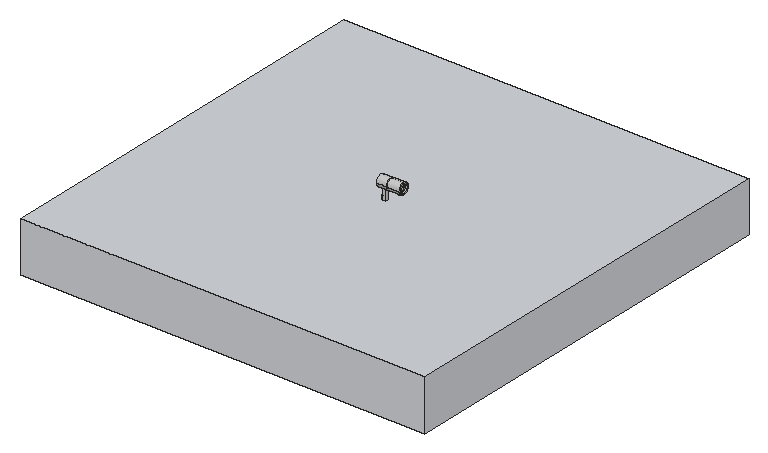
Revit family "LAMP_HANCE 48V 1000-2000 SUPER SPOT DALI", category Luminarias, Revit 2015
Parameters (values of type "498LM 2700 SUPER SPOT BLACK")
  Weight = 0.46 kg
  Type = "HIGH POWER CREE"
  Tilting angle [instance] = 90.00°
  Tilting [instance] = if(Tilting angle < 0.00°, 0.00°, if(Tilting angle > 90.00°, 90.00°, Tilting angle))  # 90.00°
  Rotation angle [instance] = 90.00°
  Protection rating = "IP20"
  Product datasheet = "http://www.lamp.es/product-files/TECH/HS1TL10SS827DBB-EN.pdf"
  Product code = "HS1TL10SS827DBB"
  Product URL = "https://www.lamp.es/en/family/hance-48v_195581"
  Power Supply = "48V DC"
  Power = 8 W
  Plum = 9.4 W
  Photometric web file = Cuerpo Hance 48V BASE 1000_2000 (tilting)_SS : 498LM 2700 SUPER SPOT BLACK
  Modelo = Product code  # "HS1TL10SS827DBB"
  Model explanation = "Availability of tilting between 0º and 90º, rotation between 0º and 355º and change ring color when placed in a project."
  Material tija = LAMP_Aluminio Hance Negro
  Manufacturer name = "LAMP"
  Manufacturer country = "Spain"
  Manufacturer URL = "http://www.lamp.es/en"
  MacAdam = "3"
  Luminaire type = "Indoor - Spotlight"
  Last update = "02/04/2019"
  Lamp = "HIGH POWER LED"
  LED Lifetime = "50.000 L90"
  Insulation class = "III"
  Installation instructions = "https://www.lamp.es/product-files/INS/1004290-B-INSTR.%20DE%20MONTAJE%20HANCE%2048V.pdf"
  Initial intensity = 498 lm
  Initial color = 2700 K
  IEE = "A+"
  Height = 135 mm
  Gear = "Adjustable DALI"
  Finish = "RAL9011 textured"
  Fabricante = Manufacturer name  # "LAMP"
  Default Elevation = 1219.2 mm
  Efficacy = 53 lm/W
  Diameter = 65 mm
  Descripción = "HANCE TRACK 48 1000 VWW SSP DALI BK."
  Decorative ring [instance] = Aro decorativo 48V (tilting) (1000-2000) : Black
  Comentarios de tipo = Model explanation  # "Availability of tilting between 0º and 90º, rotation between 0º and 355º and change ring color when placed in a project."
  CRI = "80"
Types (12, lengths in mm): name | Product datasheet | Product code | Power | Plum | Photometric web file | Modelo | Material tija | LED Lifetime | Initial intensity | Initial color | IEE | Finish | Efficacy | Descripción
  498LM 2700 SUPER SPOT BLACK | "http://www.lamp.es/product-files/TECH/HS1TL10SS827DBB-EN.pdf" | "HS1TL10SS827DBB" | 8 W | 9.4 W | Cuerpo Hance 48V BASE 1000_2000 (tilting)_SS : 498LM 2700 SUPER SPOT BLACK | "HS1TL10SS827DBB" | LAMP_Aluminio Hance Negro | "50.000 L90" | 498 lm | 2700 K | "A+" | "RAL9011 textured" | 53 lm/W | "HANCE TRACK 48 1000 VWW SSP DALI BK."
  498LM 2700 SUPER SPOT WHITE | "http://www.lamp.es/product-files/TECH/HS1TL10SS827DBW-EN.pdf" | "HS1TL10SS827DBW" | 8 W | 9.4 W | Cuerpo Hance 48V BASE 1000_2000 (tilting)_SS : 498LM 2700 SUPER SPOT WHITE | "HS1TL10SS827DBW" | LAMP_Aluminio Hance Blanco | "50.000 L90" | 498 lm | 2700 K | "A+" | "RAL9010 textured" | 53 lm/W | "HANCE TRACK 48 1000 VWW SSP DALI WH."
  498LM 3000 SUPER SPOT BLACK | "http://www.lamp.es/product-files/TECH/HS1TL10SS830DBB-EN.pdf" | "HS1TL10SS830DBB" | 8 W | 9.4 W | Cuerpo Hance 48V BASE 1000_2000 (tilting)_SS : 498LM 3000 SUPER SPOT BLACK | "HS1TL10SS830DBB" | LAMP_Aluminio Hance Negro | "50.000 L90" | 498 lm | 3000 K | "A+" | "RAL9011 textured" | 53 lm/W | "HANCE TRACK 48 1000 WW SSP DALI BK."
  498LM 3000 SUPER SPOT WHITE | "http://www.lamp.es/product-files/TECH/HS1TL10SS830DBW-EN.pdf" | "HS1TL10SS830DBW" | 8 W | 9.4 W | Cuerpo Hance 48V BASE 1000_2000 (tilting)_SS : 498LM 3000 SUPER SPOT WHITE | "HS1TL10SS830DBW" | LAMP_Aluminio Hance Negro | "50.000 L90" | 498 lm | 3000 K | "A+" | "RAL9010 textured" | 53 lm/W | "HANCE TRACK 48 1000 WW SSP DALI WH."
  537LM 4000 SUPER SPOT BLACK | "http://www.lamp.es/product-files/TECH/HS1TL10SS840DBB-EN.pdf" | "HS1TL10SS840DBB" | 8 W | 9.1 W | Cuerpo Hance 48V BASE 1000_2000 (tilting)_SS : 537LM 4000 SUPER SPOT BLACK | "HS1TL10SS840DBB" | LAMP_Aluminio Hance Negro | "50.000 L90" | 537 lm | 4000 K | "A+" | "RAL9011 textured" | 59 lm/W | "HANCE TRACK 48 1000 NW SSP DALI BK."
  537LM 4000 SUPER SPOT WHITE | "http://www.lamp.es/product-files/TECH/HS1TL10SS840DBW-EN.pdf" | "HS1TL10SS840DBW" | 8 W | 9.1 W | Cuerpo Hance 48V BASE 1000_2000 (tilting)_SS : 537LM 4000 SUPER SPOT WHITE | "HS1TL10SS840DBW" | LAMP_Aluminio Hance Blanco | "50.000 L90" | 537 lm | 4000 K | "A+" | "RAL9010 textured" | 59 lm/W | "HANCE TRACK 48 1000 NW SSP DALI WH."
  689LM 2700 SUPER SPOT BLACK | "http://www.lamp.es/product-files/TECH/HS1TL20SS827DBB-EN.pdf" | "HS1TL20SS827DBB" | 12 W | 13.6 W | Cuerpo Hance 48V BASE 1000_2000 (tilting)_SS : 689LM 2700 SUPER SPOT BLACK | "HS1TL20SS827DBB" | LAMP_Aluminio Hance Negro | "50.000 L80" | 689 lm | 2700 K | "A" | "RAL9011 textured" | 50.66 lm/W | "HANCE TRACK 48 2000 VWW SSP DALI BK."
  689LM 2700 SUPER SPOT WHITE | "http://www.lamp.es/product-files/TECH/HS1TL20SS827DBW-EN.pdf" | "HS1TL20SS827DBW" | 12 W | 13.6 W | Cuerpo Hance 48V BASE 1000_2000 (tilting)_SS : 689LM 2700 SUPER SPOT WHITE | "HS1TL20SS827DBW" | LAMP_Aluminio Hance Blanco | "50.000 L80" | 689 lm | 2700 K | "A" | "RAL9010 textured" | 50.66 lm/W | "HANCE TRACK 48 2000 VWW SSP DALI WH."
  689LM 3000 SUPER SPOT BLACK | "http://www.lamp.es/product-files/TECH/HS1TL20SS830DBB-EN.pdf" | "HS1TL20SS830DBB" | 12 W | 13.6 W | Cuerpo Hance 48V BASE 1000_2000 (tilting)_SS : 689LM 3000 SUPER SPOT BLACK | "HS1TL20SS830DBB" | LAMP_Aluminio Hance Negro | "50.000 L80" | 689 lm | 3000 K | "A" | "RAL9011 textured" | 50.66 lm/W | "HANCE TRACK 48 2000 WW SSP DALI BK."
  689LM 3000 SUPER SPOT WHITE | "http://www.lamp.es/product-files/TECH/HS1TL20SS830DBW-EN.pdf" | "HS1TL20SS830DBW" | 12 W | 13.6 W | Cuerpo Hance 48V BASE 1000_2000 (tilting)_SS : 689LM 3000 SUPER SPOT WHITE | "HS1TL20SS830DBW" | LAMP_Aluminio Hance Blanco | "50.000 L80" | 689 lm | 3000 K | "A" | "RAL9010 textured" | 50.66 lm/W | "HANCE TRACK 48 2000 WW SSP DALI WH."
  746LM 4000 SUPER SPOT BLACK | "http://www.lamp.es/product-files/TECH/HS1TL20SS840DBB-EN.pdf" | "HS1TL20SS840DBB" | 12 W | 13.6 W | Cuerpo Hance 48V BASE 1000_2000 (tilting)_SS : 746LM 4000 SUPER SPOT BLACK | "HS1TL20SS840DBB" | LAMP_Aluminio Hance Negro | "50.000 L80" | 746 lm | 4000 K | "A" | "RAL9011 textured" | 55 lm/W | "HANCE TRACK 48 2000 NW SSP DALI BK."
  746LM 4000 SUPER SPOT WHITE | "http://www.lamp.es/product-files/TECH/HS1TL20SS840DBW-EN.pdf" | "HS1TL20SS840DBW" | 12 W | 13.6 W | Cuerpo Hance 48V BASE 1000_2000 (tilting)_SS : 746LM 4000 SUPER SPOT WHITE | "HS1TL20SS840DBW" | LAMP_Aluminio Hance Blanco | "50.000 L80" | 746 lm | 4000 K | "A" | "RAL9010 textured" | 55 lm/W | "HANCE TRACK 48 2000 NW SSP DALI WH."
Reference planes
  plane 1 "Centro (Frontal/Posterior)": y = 0
  plane 2: z = 0
  plane 3 "Centro (Izquierda/Derecha)": x = 0
Forms (mm)
  Extrusion 1, solid
    sketch origin (0, 0, 0) x (1, 0, 0) y (0, 1, 0)
      loop
        line (-1219.2, 1219.2) -> (-1219.2, -1219.2) -> (1219.2, -1219.2) -> (1219.2, 1219.2) -> (-1219.2, 1219.2)
    from 0 to -304.8
Lines and regions (mm)
  reference lines
    curve 1: line (0, 0, 0) -> (35, 0, 0)
Text (mm)
  text "Any modification of the parameters and properties of the LAMP BIM models must be executed and validated by the LAMP technical department.\n\nPhone: +34 93 736 68 00\n\nE-mail: lamp@lamp.es\n\n\n\nLAMP reserves the right to modify the technical specifications of its products." at (-20834.097, 15882.061, -4447.286), in view "Preview"
Dimensions and locks
  "Rotation angle": angle curve 1 to plane 3 "Centro (Izquierda/Derecha)"
  aligned and locked: plane 2 to Extrusion 1
  aligned and locked: level to Extrusion 1
  aligned and locked: plane 3 "Centro (Izquierda/Derecha)" to curve 1
  aligned and locked: plane 1 "Centro (Frontal/Posterior)" to curve 1
Automatic sketch dimensions
  Extrusion 1 sketch curve to Extrusion 1 sketch curve = 2438.4 mm  (x2)
Nested families
  nested 1: "Tija 48V (1000-2000)" at (4.1, 0, 0), type "Tija 48V"
  nested 2: "Cuerpo Hance 48V BASE 1000_2000 (tilting)_SS" at (1.081, -1.967, 77.249) x (1, 0, 0) z (0, 0, -1), type <- "Photometric web file", type "498LM 2700 SUPER SPOT BLACK"
  nested 3: "Aro decorativo 48V (tilting) (1000-2000)" at (57.856, 0, 77.274) x (0, 0, 1) z (1, 0, 0), type <- "Decorative ring", type "Black"
    with Tilting 0.00°
Definition of nested family "Tija 48V (1000-2000)"
  Parameters (values of type "Tija 48V")
    Profundidad tija = 18 mm
    Material tija = none
    Default Elevation = 1219.2 mm
    Diametro vaciado redondo = if(Anchura tija = 20 mm, 10 mm, 7.5 mm)  # 10 mm
    Anchura tija = 20 mm
    Profundo vaciado = if(Profundidad tija = 18 mm, 10.8 mm, 1 mm)  # 10.8 mm
    Ancho vaciado = Anchura tija  # 20 mm
    Altura tija = 88.5 mm
  Reference planes
    plane 1 "Centro (Frontal/Posterior)": y = 0
    plane 2: z = 0
    plane 3 "Centro (Izquierda/Derecha)": x = 0
  Forms (mm)
    Extrusion 1, solid
      sketch origin (0, 0, 0) x (1, 0, 0) y (0, 1, 0)
        loop
          line (-1219.2, 1219.2) -> (-1219.2, -1219.2) -> (1219.2, -1219.2) -> (1219.2, 1219.2) -> (-1219.2, 1219.2)
      from 0 to -304.8
    Extrusion 2, solid, material <- "Material tija"
      sketch origin (0, 0, -18) x (1, 0, 0) y (0, 0, 1)
        loop
          line (13.9, 18) -> (13.9, 106.5) -> (-6.297, 106.5)
          arc (-6.297, 106.5) -> (-12.297, 100.5) -> (-6.297, 94.5) r 6
          line (-6.297, 94.5) -> (-4.1, 94.5) -> (-4.1, 40) -> (-18.142, 40) -> (-18.142, 18) -> (-4.1, 18) -> (13.9, 18)
      from -10 to 10
    Extrusion 3, void
      sketch origin (10.8, -11.5, 0) x (-1, 0, 0) y (0, 1, 0)
        loop
          line (0, 21.5) -> (-28.341, 21.5) -> (-28.341, 1.5) -> (0, 1.5)
          arc (0, 1.5) -> (-1.264, 11.5) -> (0, 21.5) r 40.201
      from -132.265 to 0
    Extrusion 4, void
      sketch origin (27.648, 0, 0) x (1, 0, 0) y (0, 1, 0)
        loop
          line (-31.748, 10) -> (-31.748, 20) -> (-61.648, 20) -> (-61.648, -18.394) -> (-31.748, -18.394) -> (-31.748, -10)
          arc (-31.748, -10) -> (-41.748, 0) -> (-31.748, 10) r 10
      from 0 to 22
    Extrusion 5, void
      sketch origin (0, 0, 0) x (1, 0, 0) y (0, 0, 1)
        loop
          circle (-7.621, 82.5) r 3.125
        loop
          circle (-7.621, 46.9) r 3.125
      from -21.347 to 27.483
  Cuts and joins
    Extrusion 3, Extrusion 4, Extrusion 5 cuts Extrusion 2
  Lines and regions (mm)
    reference lines
      curve 1: line (10.8, -11.5, 0) -> (10.8, 11.5, 0)
  Dimensions and locks
    equal spacing: cut or joined group of Extrusion 2, Extrusion 3, Extrusion 4, Extrusion 5, plane 1 "Centro (Frontal/Posterior)", cut or joined group of Extrusion 2, Extrusion 3, Extrusion 4, Extrusion 5
    "Anchura tija": cut or joined group of Extrusion 2, Extrusion 3, Extrusion 4, Extrusion 5 to cut or joined group of Extrusion 2, Extrusion 3, Extrusion 4, Extrusion 5
    plane 1 "Centro (Frontal/Posterior)" to Extrusion 3 sketch curve = 10 mm
    "Altura tija": Extrusion 2 sketch curve to Extrusion 2 sketch curve
    "Profundidad tija": cut or joined group of Extrusion 2, Extrusion 3, Extrusion 4, Extrusion 5 to cut or joined group of Extrusion 2, Extrusion 3, Extrusion 4, Extrusion 5
    locked: cut or joined group of Extrusion 2, Extrusion 3, Extrusion 4, Extrusion 5 to plane 3 "Centro (Izquierda/Derecha)" at 4.1
    locked: plane 3 "Centro (Izquierda/Derecha)" to Extrusion 3 sketch curve at 39.141
    "Profundo vaciado": plane 3 "Centro (Izquierda/Derecha)" to curve 1
    "Ancho vaciado": Extrusion 3 sketch curve to Extrusion 3 sketch curve
    equal spacing: Extrusion 3 sketch curve, plane 1 "Centro (Frontal/Posterior)", Extrusion 3 sketch curve
    "Diametro vaciado redondo": radius of Extrusion 4 sketch curve
    aligned and locked: plane 2 to Extrusion 1
    aligned and locked: level to Extrusion 1
  Automatic sketch dimensions
    Extrusion 1 sketch curve to Extrusion 1 sketch curve = 2438.4 mm  (x2)
    Extrusion 5 sketch curve to plane 3 "Centro (Izquierda/Derecha)" = 7.621 mm  (x2)
    level to Extrusion 5 sketch curve = 46.9 mm
    Extrusion 5 sketch curve to Extrusion 5 sketch curve = 35.6 mm
    Extrusion 5 sketch curve to Extrusion 5 sketch curve = 3.125 mm  (x2)
    Extrusion 2 sketch curve to level = 0 mm
    Extrusion 2 sketch curve to plane 3 "Centro (Izquierda/Derecha)" = 18.142 mm
    Extrusion 2 sketch curve to plane 3 "Centro (Izquierda/Derecha)" = 6.297 mm
    Extrusion 2 sketch curve to plane 3 "Centro (Izquierda/Derecha)" = 4.1 mm  (x2)
    plane 3 "Centro (Izquierda/Derecha)" to Extrusion 2 sketch curve = 13.9 mm
    level to Extrusion 2 sketch curve = 22 mm
    Extrusion 2 sketch curve to Extrusion 2 sketch curve = 12 mm
    plane 1 "Centro (Frontal/Posterior)" to curve 1 = 11.5 mm
    curve 1 to plane 1 "Centro (Frontal/Posterior)" = 11.5 mm
    Extrusion 3 sketch curve to curve 1 = 0 mm  (x2)
    curve 1 to Extrusion 3 sketch curve = 38.937 mm
    plane 1 "Centro (Frontal/Posterior)" to Extrusion 4 sketch curve = 0 mm
    Extrusion 4 sketch curve to plane 3 "Centro (Izquierda/Derecha)" = 34 mm
    Extrusion 4 sketch curve to plane 3 "Centro (Izquierda/Derecha)" = 4.1 mm
    plane 1 "Centro (Frontal/Posterior)" to Extrusion 4 sketch curve = 18.394 mm
    Extrusion 4 sketch curve to Extrusion 4 sketch curve = 10 mm
Definition of nested family "Cuerpo Hance 48V BASE 1000_2000 (tilting)_SS"
  Parameters (values of type "498LM 2700 SUPER SPOT BLACK")
    Tilting = 90.00°
    Photometric web file = Cuerpo Hance 48V BASE 1000_2000_SS : 498LM 2700 SUPER SPOT BLACK
    Longitud cuerpo = 135 mm
    Default Elevation = 1219.2 mm
  Types (13, lengths in mm): name | Photometric web file
    (no name) | Cuerpo Hance 48V BASE 1000_2000_SS : 498LM 2700 SUPER SPOT BLACK
    498LM 2700 SUPER SPOT BLACK | Cuerpo Hance 48V BASE 1000_2000_SS : 498LM 2700 SUPER SPOT BLACK
    498LM 2700 SUPER SPOT WHITE | Cuerpo Hance 48V BASE 1000_2000_SS : 498LM 2700 SUPER SPOT WHITE
    498LM 3000 SUPER SPOT BLACK | Cuerpo Hance 48V BASE 1000_2000_SS : 498LM 3000 SUPER SPOT BLACK
    498LM 3000 SUPER SPOT WHITE | Cuerpo Hance 48V BASE 1000_2000_SS : 498LM 3000 SUPER SPOT WHITE
    537LM 4000 SUPER SPOT BLACK | Cuerpo Hance 48V BASE 1000_2000_SS : 537LM 4000 SUPER SPOT BLACK
    537LM 4000 SUPER SPOT WHITE | Cuerpo Hance 48V BASE 1000_2000_SS : 537LM 4000 SUPER SPOT WHITE
    689LM 2700 SUPER SPOT BLACK | Cuerpo Hance 48V BASE 1000_2000_SS : 689LM 2700 SUPER SPOT BLACK
    689LM 2700 SUPER SPOT WHITE | Cuerpo Hance 48V BASE 1000_2000_SS : 689LM 2700 SUPER SPOT WHITE
    689LM 3000 SUPER SPOT BLACK | Cuerpo Hance 48V BASE 1000_2000_SS : 689LM 3000 SUPER SPOT BLACK
    689LM 3000 SUPER SPOT WHITE | Cuerpo Hance 48V BASE 1000_2000_SS : 689LM 3000 SUPER SPOT WHITE
    746LM 4000 SUPER SPOT BLACK | Cuerpo Hance 48V BASE 1000_2000_SS : 746LM 4000 SUPER SPOT BLACK
    746LM 4000 SUPER SPOT WHITE | Cuerpo Hance 48V BASE 1000_2000_SS : 746LM 4000 SUPER SPOT WHITE
  Reference planes
    plane 1 "Centro (Frontal/Posterior)": y = 0
    plane 2: z = 0
    plane 3 "Centro (Izquierda/Derecha)": x = 0
  Lines and regions (mm)
    reference lines
      curve 1: line (0, 0, 0) -> (200, 0, 0)
  Dimensions and locks
    "Tilting": angle plane 3 "Centro (Izquierda/Derecha)" to curve 1
    aligned and locked: level to plane 2
    aligned and locked: plane 3 "Centro (Izquierda/Derecha)" to curve 1
    aligned and locked: plane 2 to curve 1
  Nested families
    nested 1: "Cuerpo Hance 48V BASE 1000_2000_SS" at (21.857, -1.967, 11.25), type <- "Photometric web file", type "498LM 2700 SUPER SPOT BLACK"
  Definition of nested family "Cuerpo Hance 48V BASE 1000_2000_SS"
    Parameters (values of type "498LM 2700 SUPER SPOT BLACK")
      Tilt Angle = 90.00° + Tilting  # 180.00°
      Wattage = 9.4 W
      Tilting = 90.00°
      built-in parameter 1150107 = 2700 (stored number, unit not read)
      Radio vacio posterior = Radio cuerpo - 2.2 mm  # 30.3 mm
      Radio vaciado = Radio cuerpo - 1.5 mm  # 31 mm
      Radio optica = if(Radio cuerpo = 20 mm, 10 mm, 23 mm)  # 23 mm
      Radio cuerpo = if(Longitud cuerpo = 78 mm, 20 mm, 32.5 mm)  # 32.5 mm
      built-in parameter 1150110 = 1 (stored number, unit not read)
      built-in parameter 1150109 = 1 (stored number, unit not read)
      built-in parameter 1150112 = 1 (stored number, unit not read)
      built-in parameter 1150113 = 1 (stored number, unit not read)
      built-in parameter 1114218 = 1 (stored number, unit not read)
      built-in parameter 1150137 = (empty or 0)
      built-in parameter 1150132 = 2
      Material reflector = none
      Material optica = none
      Material cuerpo = none
      Material COB = none
      Longitud cuerpo = 135 mm
      Long. origen luz = if(Longitud cuerpo = 78 mm, 20 mm, 77 mm)  # 77 mm
      L_2 = if(Ancho disipador posterior = 32 mm, 9.5 mm, 21 mm)  # 21 mm
      L_1 = if(Ancho disipador posterior = 32 mm, 13 mm, 27 mm)  # 27 mm
      built-in parameter 1150105 = 9177.4 (stored number, unit not read)
      built-in parameter 1150102 = (empty or 0)
      built-in parameter 1150106 = 91.774 (stored number, unit not read)
      Lumens = 498.2 lm
      Color Filter = 16777215
      built-in parameter 1114217 = 1 (stored number, unit not read)
      built-in parameter 1150139 = (empty or 0)
      Default Elevation = 1219.2 mm
      built-in parameter 1150104 = 4.9239 (stored number, unit not read)
      Efficacy = 53 lm/W
      Diametro aro = if(Radio cuerpo = 20 mm, 17.9 mm, 30.4 mm)  # 30.4 mm
      built-in parameter 1150115 = 1 (stored number, unit not read)
      built-in parameter 1150114 = 1 (stored number, unit not read)
      built-in parameter 1150138 = (empty or 0)
      built-in parameter 1150134 = (empty or 0)
      Dimming Lamp Color Temperature Shift = (empty or 0)
      Photometric Web File = "HS1TL10SS827NBB.IES"
      Ancho vaciado reflector = Ancho reflector - 1 mm  # 23 mm
      Ancho reflector = 24 mm
      Ancho disipador posterior = if(Radio cuerpo = 20 mm, 32 mm, 57 mm)  # 57 mm
      built-in parameter 1150133 = 10 (stored number, unit not read)
      Altura disipador superior = if(Radio cuerpo = 20 mm, 44.3 mm, 45.3 mm)  # 45.3 mm
      Ancho disipador superior = if(Radio cuerpo = 20 mm, 16.8 mm, 22.6 mm)  # 22.6 mm
    Types (12, lengths in mm): name | Wattage | built-in parameter 1150107 | built-in parameter 1150105 | built-in parameter 1150106 | Lumens | built-in parameter 1150104 | Efficacy | built-in parameter 1150134 | Photometric Web File
      498LM 2700 SUPER SPOT BLACK | 9.4 W | 2700 (stored number, unit not read) | 9177.4 (stored number, unit not read) | 91.774 (stored number, unit not read) | 498.2 lm | 4.9239 (stored number, unit not read) | 53 lm/W | (empty or 0) | "HS1TL10SS827NBB.IES"
      498LM 2700 SUPER SPOT WHITE | 9.4 W | 2700 (stored number, unit not read) | 9177.4 (stored number, unit not read) | 91.774 (stored number, unit not read) | 498.2 lm | 4.9239 (stored number, unit not read) | 53 lm/W | (empty or 0) | "HS1TL10SS827NBW.IES"
      498LM 3000 SUPER SPOT BLACK | 9.4 W | 3000 (stored number, unit not read) | 9177.4 (stored number, unit not read) | 91.774 (stored number, unit not read) | 498.2 lm | 4.9239 (stored number, unit not read) | 53 lm/W | (empty or 0) | "HS1TL10SS830NBB.IES"
      498LM 3000 SUPER SPOT WHITE | 9.4 W | 3000 (stored number, unit not read) | 9177.4 (stored number, unit not read) | 91.774 (stored number, unit not read) | 498.2 lm | 4.9239 (stored number, unit not read) | 53 lm/W | (empty or 0) | "HS1TL10SS830NBW.IES"
      537LM 4000 SUPER SPOT BLACK | 9.1 W | 4000 (stored number, unit not read) | 9890.3 (stored number, unit not read) | 98.903 (stored number, unit not read) | 536.9 lm | 5.4813 (stored number, unit not read) | 59 lm/W | 12 | "HS1TL10SS840NBB.IES"
      537LM 4000 SUPER SPOT WHITE | 9.1 W | 4000 (stored number, unit not read) | 9890.3 (stored number, unit not read) | 98.903 (stored number, unit not read) | 536.9 lm | 5.4813 (stored number, unit not read) | 59 lm/W | 12 | "HS1TL10SS840NBW.IES"
      689LM 2700 SUPER SPOT BLACK | 13.6 W | 2700 (stored number, unit not read) | 12776.8 (stored number, unit not read) | 127.77 (stored number, unit not read) | 693.6 lm | 4.7381 (stored number, unit not read) | 51 lm/W | (empty or 0) | "HS1TL20SS827NBB.IES"
      689LM 2700 SUPER SPOT WHITE | 13.6 W | 2700 (stored number, unit not read) | 12776.8 (stored number, unit not read) | 127.77 (stored number, unit not read) | 693.6 lm | 4.7381 (stored number, unit not read) | 51 lm/W | (empty or 0) | "HS1TL20SS827NBW.IES"
      689LM 3000 SUPER SPOT BLACK | 13.6 W | 3000 (stored number, unit not read) | 12776.8 (stored number, unit not read) | 127.77 (stored number, unit not read) | 693.6 lm | 4.7381 (stored number, unit not read) | 51 lm/W | (empty or 0) | "HS1TL20SS830NBB.IES"
      689LM 3000 SUPER SPOT WHITE | 13.6 W | 3000 (stored number, unit not read) | 12776.8 (stored number, unit not read) | 127.77 (stored number, unit not read) | 693.6 lm | 4.7381 (stored number, unit not read) | 51 lm/W | (empty or 0) | "HS1TL20SS830NBW.IES"
      746LM 4000 SUPER SPOT BLACK | 13.6 W | 4000 (stored number, unit not read) | 13778.9 (stored number, unit not read) | 137.79 (stored number, unit not read) | 748 lm | 5.1097 (stored number, unit not read) | 55 lm/W | 12 | "HS1TL20SS840NBB.IES"
      746LM 4000 SUPER SPOT WHITE | 13.6 W | 4000 (stored number, unit not read) | 13778.9 (stored number, unit not read) | 137.79 (stored number, unit not read) | 748 lm | 5.1097 (stored number, unit not read) | 55 lm/W | 12 | "HS1TL20SS840NBW.IES"
    Reference planes
      plane 1 "Centro (Frontal/Posterior)": y = 0
      plane 2: z = 0
      plane 3 "Centro (Izquierda/Derecha)": x = 0
    Forms (mm)
      Extrusion 1, solid, material <- "Material cuerpo"
        sketch origin (0, 0, 0) x (0, -1, 0) y (0, 0, 1)
          loop
            circle (0, -27.875) r 32.5
        from -93 to 42
      Extrusion 2, void
        sketch origin (0, 0, 0) x (0, 1, 0) y (0, 0, 1)
          loop
            line (11.3, 30) -> (-11.3, 30) -> (-11.3, -15.3)
            arc (-11.3, -15.3) -> (0, -16.149) -> (11.3, -15.3) r 75.643
            line (11.3, -15.3) -> (11.3, 30)
        from -42 to -9.283
      Extrusion 3, void
        sketch origin (0, 0, 0) x (0, 1, 0) y (0, 0, 1)
          loop
            circle (0, -27.875) r 30.3
        from -42 to -41
      Extrusion 4, void
        sketch origin (0, 0, 0) x (0, 1, 0) y (0, 0, 1)
          loop
            line (28.5, -26.291) -> (-28.5, -26.291)
            arc (-28.5, -26.291) -> (-29.7, -27.491) -> (-28.5, -28.691) r 1.2
            line (-28.5, -28.691) -> (28.5, -28.691)
            arc (28.5, -28.691) -> (29.7, -27.491) -> (28.5, -26.291) r 1.2
          loop
            line (28.115, -30.891) -> (-28.115, -30.891)
            arc (-28.115, -30.891) -> (-29.315, -32.091) -> (-28.115, -33.291) r 1.2
            line (-28.115, -33.291) -> (28.115, -33.291)
            arc (28.115, -33.291) -> (29.315, -32.091) -> (28.115, -30.891) r 1.2
          loop
            line (27, -35.404) -> (-25.984, -35.404)
            arc (-25.984, -35.404) -> (-27.184, -36.604) -> (-25.984, -37.804) r 1.2
            line (-25.984, -37.804) -> (27, -37.804)
            arc (27, -37.804) -> (28.2, -36.604) -> (27, -35.404) r 1.2
          loop
            line (21, -39.58) -> (-21.697, -39.58)
            arc (-21.697, -39.58) -> (-22.897, -40.78) -> (-21.697, -41.98) r 1.2
            line (-21.697, -41.98) -> (21, -41.98)
            arc (21, -41.98) -> (22.2, -40.78) -> (21, -39.58) r 1.2
        from -42 to -38.7
      Extrusion 5, void
        sketch origin (0, 0, 0) x (-1, 0, 0) y (0, -1, 0)
          loop
            line (37.7, -6.3) -> (37.7, 6.3)
            arc (37.7, 6.3) -> (36.6, 7.4) -> (35.5, 6.3) r 1.1
            line (35.5, 6.3) -> (35.5, -6.3)
            arc (35.5, -6.3) -> (36.6, -7.4) -> (37.7, -6.3) r 1.1
          loop
            line (28.9, -6.3) -> (28.9, 6.3)
            arc (28.9, 6.3) -> (27.8, 7.4) -> (26.7, 6.3) r 1.1
            line (26.7, 6.3) -> (26.7, -6.3)
            arc (26.7, -6.3) -> (27.8, -7.4) -> (28.9, -6.3) r 1.1
          loop
            line (20.1, -6.3) -> (20.1, 6.3)
            arc (20.1, 6.3) -> (19, 7.4) -> (17.9, 6.3) r 1.1
            line (17.9, 6.3) -> (17.9, -6.3)
            arc (17.9, -6.3) -> (19, -7.4) -> (20.1, -6.3) r 1.1
        from -18.74 to 30
      Extrusion 6, void
        sketch origin (0, 0, 0) x (-1, 0, 0) y (0, -1, 0)
          loop
            line (33.3, -6.3) -> (33.3, 6.3)
            arc (33.3, 6.3) -> (32.2, 7.4) -> (31.1, 6.3) r 1.1
            line (31.1, 6.3) -> (31.1, -6.3)
            arc (31.1, -6.3) -> (32.2, -7.4) -> (33.3, -6.3) r 1.1
          loop
            line (24.5, -6.3) -> (24.5, 6.3)
            arc (24.5, 6.3) -> (23.4, 7.4) -> (22.3, 6.3) r 1.1
            line (22.3, 6.3) -> (22.3, -6.3)
            arc (22.3, -6.3) -> (23.4, -7.4) -> (24.5, -6.3) r 1.1
        from -16.455 to 30
      Extrusion 7, void
        sketch origin (0, 0, 0) x (0, 1, 0) y (0, 0, 1)
          loop
            circle (0, -27.875) r 31
        from 17.213 to 93
      Extrusion 8, solid, material <- "Material COB"
        sketch origin (0, 0, 0) x (0, -1, 0) y (0, 0, 1)
          loop
            circle (0, -27.875) r 7.733
        from -75.2 to -74.213
      Revolve 9, solid, material <- "Material reflector"
        sketch origin (0, 0, 0) x (1, 0, 0) y (0, 0, 1)
          loop
            line (79.5, -3.875) -> (74.213, -6.142) -> (73.213, -6.57) -> (73.213, -27.875) -> (74.213, -27.875) -> (74.213, -20.142) -> (75.2, -20.142) -> (79.5, -4.875) -> (79.5, -3.875)
          axis (73.213, -27.875) -> (79.5, -27.875)
        angle from 0 to 360
    Cuts and joins
      Extrusion 2, Extrusion 3, Extrusion 4, Extrusion 5, Extrusion 6, Extrusion 7 cuts Extrusion 1
    Lines and regions (mm)
      reference lines
        curve 1: line (0, 0, 0) -> (178.042, 0, 0)
        curve 2: line (36, 0, -27.875) -> (113, 0, -27.875)
        curve 3: line (0, 0, 0) -> (0, 0, -75)
        curve 4: line (36, 0, -22.875) -> (36, 0, -32.875)
    Text (mm)
      text "Any modification of the parameters and properties of the LAMP BIM models must be executed and validated by the LAMP technical department.\n\nPhone: +34 93 736 68 00\n\nE-mail: lamp@lamp.es\n\n\n\nLAMP reserves the right to modify the technical specifications of its products." at (97482.136, -81600.41, 57308.082), in view "Preview"
    Dimensions and locks
      "Longitud cuerpo": cut or joined group of Extrusion 1, Extrusion 2, Extrusion 3, Extrusion 4, Extrusion 5, Extrusion 6, Extrusion 7 to cut or joined group of Extrusion 1, Extrusion 2, Extrusion 3, Extrusion 4, Extrusion 5, Extrusion 6, Extrusion 7
      locked: cut or joined group of Extrusion 1, Extrusion 2, Extrusion 3, Extrusion 4, Extrusion 5, Extrusion 6, Extrusion 7 to curve 3 at 42
      "Long. origen luz": curve 4 to curve 2
      equal spacing: Extrusion 4 sketch curve, plane 1 "Centro (Frontal/Posterior)", Extrusion 4 sketch curve
      "Ancho disipador posterior": Extrusion 4 sketch curve to Extrusion 4 sketch curve
      "L_1": Extrusion 4 sketch curve to plane 1 "Centro (Frontal/Posterior)"
      "L_2": Extrusion 4 sketch curve to curve 3
      equal spacing: Extrusion 2 sketch curve, plane 1 "Centro (Frontal/Posterior)", Extrusion 2 sketch curve
      "Ancho disipador superior": Extrusion 2 sketch curve to Extrusion 2 sketch curve
      "Altura disipador superior": Extrusion 2 sketch curve to Extrusion 2 sketch curve
      locked: plane 2 to Extrusion 2 sketch curve at 30
      locked: Extrusion 8 to Extrusion 8 at 0.987
      locked: cut or joined group of Extrusion 1, Extrusion 2, Extrusion 3, Extrusion 4, Extrusion 5, Extrusion 6, Extrusion 7 to Extrusion 8 at 17.8
      "Ancho reflector": Revolve 9 sketch curve to imposter light
      locked: Revolve 9 to cut or joined group of Extrusion 1, Extrusion 2, Extrusion 3, Extrusion 4, Extrusion 5, Extrusion 6, Extrusion 7 at 13.5
      "Radio cuerpo": radius of Extrusion 1 sketch curve
      "Radio vaciado": radius of Extrusion 7 sketch curve
      "Radio vacio posterior": radius of Extrusion 3 sketch curve
      "Tilting": angle plane 3 "Centro (Izquierda/Derecha)" to curve 1
      aligned and locked: level to plane 2
      aligned and locked: imposter light to curve 2  (x2)
      aligned and locked: cut or joined group of Extrusion 1, Extrusion 2, Extrusion 3, Extrusion 4, Extrusion 5, Extrusion 6, Extrusion 7 to cut or joined group of Extrusion 1, Extrusion 2, Extrusion 3, Extrusion 4, Extrusion 5, Extrusion 6, Extrusion 7
    Automatic sketch dimensions
      Extrusion 8 sketch curve to plane 1 "Centro (Frontal/Posterior)" = 0 mm
      curve 1 to Extrusion 5 sketch curve = 17.9 mm
      Extrusion 5 sketch curve to Extrusion 5 sketch curve = 1.1 mm  (x3)
      Extrusion 5 sketch curve to Extrusion 5 sketch curve = 6.6 mm  (x2)
      Extrusion 5 sketch curve to curve 1 = 6.3 mm  (x3)
      curve 1 to Extrusion 5 sketch curve = 6.3 mm  (x3)
      Extrusion 6 sketch curve to curve 1 = 6.3 mm  (x2)
      curve 1 to Extrusion 6 sketch curve = 22.3 mm
      Extrusion 6 sketch curve to Extrusion 6 sketch curve = 1.1 mm  (x2)
      Extrusion 6 sketch curve to Extrusion 6 sketch curve = 6.6 mm
      curve 1 to Extrusion 6 sketch curve = 6.3 mm
      Extrusion 6 sketch curve to Extrusion 6 sketch curve = 0 mm
      Extrusion 1 sketch curve to plane 1 "Centro (Frontal/Posterior)" = 0 mm
      Extrusion 1 sketch curve to level = 27.875 mm
      Extrusion 2 sketch curve to plane 1 "Centro (Frontal/Posterior)" = 0 mm
      Extrusion 2 sketch curve to Extrusion 2 sketch curve = 29.494 mm
      Extrusion 3 sketch curve to plane 1 "Centro (Frontal/Posterior)" = 0 mm
      Extrusion 3 sketch curve to level = 27.875 mm
      Extrusion 4 sketch curve to Extrusion 4 sketch curve = 0.385 mm  (x2)
      Extrusion 4 sketch curve to Extrusion 4 sketch curve = 2.132 mm
      Extrusion 4 sketch curve to Extrusion 4 sketch curve = 4.287 mm
      Extrusion 4 sketch curve to level = 41.98 mm
      Extrusion 4 sketch curve to Extrusion 4 sketch curve = 1.2 mm  (x4)
      Extrusion 4 sketch curve to Extrusion 4 sketch curve = 1.776 mm
      Extrusion 4 sketch curve to Extrusion 4 sketch curve = 2.113 mm
      Extrusion 4 sketch curve to Extrusion 4 sketch curve = 2.2 mm
      Extrusion 7 sketch curve to plane 1 "Centro (Frontal/Posterior)" = 0 mm
      Extrusion 7 sketch curve to level = 27.875 mm
      curve 1 to level = 0 mm
      curve 1 to plane 3 "Centro (Izquierda/Derecha)" = 0 mm
      curve 3 to curve 1 = 0 mm  (x2)
      curve 3 to curve 1 = 75 mm
      curve 1 to curve 4 = 36 mm
      curve 1 to curve 4 = 32.875 mm
      curve 1 to curve 2 = 27.875 mm
      curve 2 to curve 4 = 5 mm
      Revolve 9 sketch curve to level = 6.57 mm
      plane 3 "Centro (Izquierda/Derecha)" to Revolve 9 sketch curve = 73.213 mm
      Revolve 9 sketch curve to level = 6.142 mm
      Revolve 9 sketch curve to Revolve 9 sketch curve = 1 mm  (x3)
      Revolve 9 sketch curve to level = 20.142 mm
      Revolve 9 sketch curve to Revolve 9 sketch curve = 0.987 mm
      Revolve 9 sketch curve to Revolve 9 sketch curve = 5.287 mm
      Revolve 9 sketch curve to Revolve 9 sketch curve = 7.733 mm
      Revolve 9 sketch curve to Revolve 9 sketch curve = 0 mm  (x2)
      Revolve 9 sketch curve to Revolve 9 sketch curve = 18.787 mm
      radius of Extrusion 8 sketch curve = 7.733 mm
Definition of nested family "Aro decorativo 48V (tilting) (1000-2000)"
  Parameters (values of type "Copper")
    Weight (1000/2000) = 0.01 kg
    Weight (500) = 0.004 kg
    Tilting = 90.00°
    Product datasheet = ""
    Product code (1000/2000) = "HSRI65C"
    Product code (500) = "HSRI40C"
    Product URL = ""
    Model = ""
    Material aro secundario = none
    Material aro = none
    Manufacturer name = "LAMP"
    Manufacturer country = "Spain"
    Manufacturer URL = "http://www.lamp.es/en"
    Longitud = 47.9 mm
    Last update = "18/03/2019"
    Installation instructions = ""
    Finish = "Metalized matt copper"
    Manufacturer = Manufacturer name  # "LAMP"
    Default Elevation = 1219.2 mm
    Diameter (1000/2000) = 65 mm
    Diameter (500) = 40 mm
    Description = ""
    Accessory Type = "Optic"
    1000/2000 Model = "HSRI65C"
    1000/2000 Description = "HANCE 1000/2000 ACC. RING DECO CO."
    500 Model = "HSRI40C"
    500 Description = "HANCE 500 ACC. RING DECO CO."
  Types (5, lengths in mm): name | Product code (1000/2000) | Product code (500) | Finish | 1000/2000 Model | 1000/2000 Description | 500 Model | 500 Description
    (no name) | "HSRI65C" | "HSRI40C" | "Metalized matt copper" | "HSRI65C" | "HANCE 1000/2000 ACC. RING DECO CO." | "HSRI40C" | "HANCE 500 ACC. RING DECO CO."
    Black | "" | "" | "Matt black" | "" | "" | "" | ""
    Copper | "HSRI65C" | "HSRI40C" | "Metalized matt copper" | "HSRI65C" | "HANCE 1000/2000 ACC. RING DECO CO." | "HSRI40C" | "HANCE 500 ACC. RING DECO CO."
    Grey | "HSRI65M" | "HSRI40M" | "Metalized matt silver" | "HSRI65M" | "HANCE 1000/2000 ACC. RING DECO MET." | "HSRI40M" | "HANCE 500 ACC. RING DECO MET."
    White | "HSRI65W" | "HSRI40W" | "Matt black" | "HSRI65W" | "HANCE 1000/2000 ACC. RING DECO WH." | "HSRI40W" | "HANCE 500 ACC. RING DECO WH."
  Reference planes
    plane 1 "Centro (Frontal/Posterior)": y = 0
    plane 2: z = 0
    plane 3 "Centro (Izquierda/Derecha)": x = 0
  Lines and regions (mm)
    reference lines
      curve 1: line (0, 0, 0) -> (0, 0, -16.564)
      curve 2: line (0, 0, -16.564) -> (47.89, 0, -16.564)
  Text (mm)
    text "Any modification of the parameters and properties of the LAMP BIM models must be executed and validated by the LAMP technical department.\n\nPhone: +34 93 736 68 00\n\nE-mail: lamp@lamp.es\n\n\n\nLAMP reserves the right to modify the technical specifications of its products." at (86527.204, -96597.187, 50741.736), in view "Preview"
  Dimensions and locks
    "Tilting": angle curve 1 to plane 2
    aligned and locked: level to plane 2
    aligned and locked: plane 3 "Centro (Izquierda/Derecha)" to curve 1
    aligned and locked: plane 2 to curve 1
  Automatic sketch dimensions
    curve 2 to curve 1 = 0 mm
    curve 1 to curve 2 = 0 mm
    curve 1 to curve 2 = 47.89 mm
  Nested families
    nested 1: "Aro decorativo 48V (1000-2000)" at (-0.01, 0, 0), type "Copper"
  Definition of nested family "Aro decorativo 48V (1000-2000)"
    Parameters (values of type "Copper")
      Weight (1000/2000) = 0.01 kg
      Weight (500) = 0.004 kg
      Product datasheet = ""
      Product code (1000/2000) = "HSRI65C"
      Product code (500) = "HSRI40C"
      Product URL = ""
      Model = ""
      Material aro secundario = none
      Material aro = none
      Manufacturer name = "LAMP"
      Manufacturer country = "Spain"
      Manufacturer URL = "http://www.lamp.es/en"
      Longitud = 47.9 mm
      Last update = "18/03/2019"
      Installation instructions = ""
      Finish = "Metalized matt copper"
      Manufacturer = Manufacturer name  # "LAMP"
      Radio vaciado aro interior = 24.921 mm
      Radio vaciado aro exterior = 30 mm
      Radio aro interior = 25.985 mm
      Radio aro exterior = 31 mm
      Default Elevation = 1219.2 mm
      Diameter (1000/2000) = 65 mm
      Diameter (500) = 40 mm
      Description = ""
      Accessory Type = "Optic"
      1000/2000 Model = "HSRI65C"
      1000/2000 Description = "HANCE 1000/2000 ACC. RING DECO CO."
      500 Description = "HANCE 500 ACC. RING DECO CO."
      500 Model = "HSRI40C"
    Types (5, lengths in mm): name | Product code (1000/2000) | Product code (500) | Finish | Radio vaciado aro interior | Radio aro interior | 1000/2000 Model | 1000/2000 Description | 500 Description | 500 Model
      (no name) | "HSRI65C" | "HSRI40C" | "Metalized matt copper" | 24.921 | 25.985 | "HSRI65C" | "HANCE 1000/2000 ACC. RING DECO CO." | "HANCE 500 ACC. RING DECO CO." | "HSRI40C"
      Black | "" | "" | "Matt black" | 24.9 | 26 | "" | "" | "" | ""
      Copper | "HSRI65C" | "HSRI40C" | "Metalized matt copper" | 24.921 | 25.985 | "HSRI65C" | "HANCE 1000/2000 ACC. RING DECO CO." | "HANCE 500 ACC. RING DECO CO." | "HSRI40C"
      Grey | "HSRI65M" | "HSRI40M" | "Metalized matt silver" | 24.9 | 26 | "HSRI65M" | "HANCE 1000/2000 ACC. RING DECO MET." | "HANCE 500 ACC. RING DECO MET." | "HSRI40M"
      White | "HSRI65W" | "HSRI40W" | "Matt white" | 24.9 | 26 | "HSRI65W" | "HANCE 1000/2000 ACC. RING DECO WH." | "HANCE 500 ACC. RING DECO WH." | "HSRI40W"
    Reference planes
      plane 1 "Centro (Frontal/Posterior)": y = 0
      plane 2: z = 0
      plane 3 "Centro (Izquierda/Derecha)": x = 0
    Forms (mm)
      Revolve 1, solid, material <- "Material aro"
        sketch origin (0, 0, -16.6) x (1, 0, 0) y (0, 0, 1)
          loop
            line (46.082, 0) -> (58.082, 0) -> (58.082, 31) -> (46.082, 25.921) -> (46.082, 0)
          axis (58.082, 0) -> (46.082, 0)
        angle from 0 to 360
      Revolve 2, void
        sketch origin (0, 0, -16.6) x (1, 0, 0) y (0, 0, 1)
          loop
            line (58.082, 30) -> (46.082, 24.921) -> (46.082, 0) -> (58.082, 0) -> (58.082, 30)
          axis (46.082, 0) -> (58.082, 0)
        angle from 0 to 360
      Revolve 3, solid, material <- "Material aro secundario"
        sketch origin (0, 0, 0) x (1, 0, 0) y (0, 0, 1)
          loop
            line (46.082, -16.6) -> (46.082, 9.321) -> (42.782, 7.294) -> (42.782, -16.6) -> (46.082, -16.6)
          axis (42.782, -16.6) -> (46.082, -16.6)
        angle from 0 to 360
      Revolve 4, void
        sketch origin (0, 0, 0) x (1, 0, 0) y (0, 0, 1)
          loop
            line (42.782, -16.6) -> (46.082, -16.6) -> (46.082, 8.321) -> (42.782, 6.294) -> (42.782, -16.6)
          axis (42.782, -16.6) -> (46.082, -16.6)
        angle from 0 to 360
    Cuts and joins
      Revolve 2 cuts Revolve 1
      Revolve 4 cuts Revolve 3
    Lines and regions (mm)
      reference lines
        curve 1: line (0, 0, -16.6) -> (47.9, 0, -16.6)
    Text (mm)
      text "Any modification of the parameters and properties of the LAMP BIM models must be executed and validated by the LAMP technical department.\n\nPhone: +34 93 736 68 00\n\nE-mail: lamp@lamp.es\n\n\n\nLAMP reserves the right to modify the technical specifications of its products." at (91886.357, -93022.329, 47898.266), in view "Preview"
    Dimensions and locks
      "Radio aro exterior": Revolve 1 sketch curve to Revolve 1 sketch curve
      "Radio vaciado aro exterior": Revolve 2 sketch curve to Revolve 2 sketch curve
      "Longitud": curve 1 to plane 3 "Centro (Izquierda/Derecha)"
      "Radio aro interior": Revolve 1 sketch curve to Revolve 1 sketch curve
      "Radio vaciado aro interior": Revolve 2 sketch curve to Revolve 2 sketch curve
      aligned and locked: level to plane 2
    Automatic sketch dimensions
      Revolve 3 sketch curve to plane 3 "Centro (Izquierda/Derecha)" = 0 mm
      Revolve 3 sketch curve to level = 16.6 mm
      plane 3 "Centro (Izquierda/Derecha)" to Revolve 3 sketch curve = 42.782 mm
      Revolve 3 sketch curve to Revolve 3 sketch curve = 3.3 mm
      level to Revolve 3 sketch curve = 7.294 mm
      Revolve 3 sketch curve to Revolve 3 sketch curve = 1.818 mm
      Revolve 3 sketch curve to Revolve 3 sketch curve = 0 mm
      Revolve 3 sketch curve to Revolve 3 sketch curve = 2.027 mm
      Revolve 4 sketch curve to plane 3 "Centro (Izquierda/Derecha)" = 0 mm
      Revolve 4 sketch curve to level = 16.6 mm  (x2)
      plane 3 "Centro (Izquierda/Derecha)" to Revolve 4 sketch curve = 42.782 mm
      Revolve 4 sketch curve to Revolve 4 sketch curve = 3.3 mm
      level to Revolve 4 sketch curve = 8.321 mm
      level to Revolve 4 sketch curve = 6.294 mm
      Revolve 4 sketch curve to Revolve 4 sketch curve = 1.818 mm
      Revolve 1 sketch curve to curve 1 = 0 mm  (x3)
      Revolve 1 sketch curve to curve 1 = 1.818 mm
      curve 1 to Revolve 1 sketch curve = 10.182 mm
      Revolve 1 sketch curve to Revolve 1 sketch curve = 0 mm
      Revolve 2 sketch curve to curve 1 = 0 mm  (x2)
      Revolve 2 sketch curve to curve 1 = 1.818 mm
      curve 1 to Revolve 2 sketch curve = 10.182 mm
      Revolve 2 sketch curve to curve 1 = 1261.008 mm
      Revolve 2 sketch curve to Revolve 2 sketch curve = 1898.983 mm
      curve 1 to plane 3 "Centro (Izquierda/Derecha)" = 0 mm
      curve 1 to level = 16.6 mm
